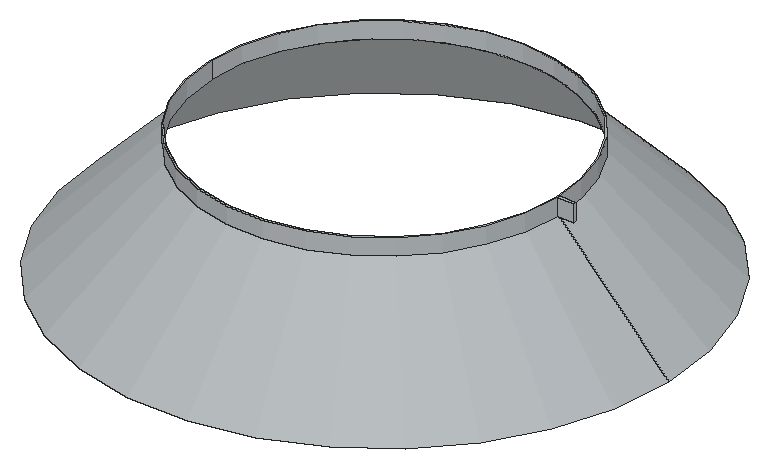
Revit family "NLRS_57_DUA_UN_storm-collar-vsk_LT_velu", category Duct Accessories, Revit 2019
Family settings
  Round Connector Dimension = Use Diameter
  Part Type = Attaches To
  Work Plane-Based = No
  Always vertical = No
  Cut with Voids When Loaded = No
  Shared = Yes
Parameters (values of type "Stormkraag VSK")
  VELU_Prijs_Datum [instance] = size_lookup(LookupTable, "Date", "NB", SACS_Diameter)  # "01-02-2022"
  VELU_Foutmelding [instance] = if(not(NLRS_M_c01_diameter = SACS_Diameter), "Niet leverbare kanaalmaat!", " ")  # " "
  VELU_Diameter1 [instance] = SACS_Diameter  # 315 mm
  VELU_Bruto_Prijs [instance] = size_lookup(LookupTable, "Product_Cost", 0, SACS_Diameter)  # 82.4
  VELU_Article_Code [instance] = size_lookup(LookupTable, "", "NB", SACS_Diameter)  # "5060000760"
  URL = "https://velu.nl/producten/"
  SACS_Radius_1 [instance] = SACS_Diameter / 2  # 157.5 mm
  SACS_Diameter [instance] = if(NLRS_M_c01_diameter > 900 mm, 1000 mm, if(NLRS_M_c01_diameter > 800 mm, 900 mm, if(NLRS_M_c01_diameter > 710 mm, 800 mm, if(NLRS_M_c01_diameter > 630 mm, 710 mm, if(NLRS_M_c01_diameter > 560 mm, 630 mm, if(NLRS_M_c01_diameter > 500 mm, 560 mm, if(NLRS_M_c01_diameter > 450 mm, 500 mm, if(NLRS_M_c01_diameter > 400 mm, 450 mm, if(NLRS_M_c01_diameter > 355 mm, 400 mm, if(NLRS_M_c01_diameter > 315 mm, 355 mm, if(NLRS_M_c01_diameter > 300 mm, 315 mm, if(NLRS_M_c01_diameter > 280 mm, 300 mm, if(NLRS_M_c01_diameter > 250 mm, 280 mm, if(NLRS_M_c01_diameter > 224 mm, 250 mm, if(NLRS_M_c01_diameter > 200 mm, 224 mm, if(NLRS_M_c01_diameter > 180 mm, 200 mm, if(NLRS_M_c01_diameter > 160 mm, 180 mm, if(NLRS_M_c01_diameter > 150 mm, 160 mm, if(NLRS_M_c01_diameter > 125 mm, 150 mm, if(NLRS_M_c01_diameter > 100 mm, 125 mm, if(NLRS_M_c01_diameter > 80 mm, 100 mm, 80 mm)))))))))))))))))))))  # 315 mm
  NLRS_M_c01_diameter [instance] = 315 mm
  NLRS_C_niveau ontwikkeling = "LOD400"  # constant formula
  NLRS_C_model [instance] = size_lookup(LookupTable, "Model", "NB", SACS_Diameter)  # "VSK 315"
  NLRS_C_description = Description  # "Velu stormkraag, type VSK"
  NLRS_C_content_versie = "3.19.00"  # constant formula
  NLRS_C_content_provider = "Velu Ventliatietechniek BV"  # constant formula
  NLRS_C_content_datum_uitgifte = "27-05-2022"  # constant formula
  NLRS_C_content_creator = "J. Feeke"  # constant formula
  Model = "VSK"  # constant formula
  Manufacturer = "Velu Ventilatietechniek BV"  # constant formula
  LookupTable = "VSK_Data"  # constant formula
  LoadBearing = 1 = 0  # no
  IsExternal = 1 = 1  # yes
  IfcDescription = Description  # "Velu stormkraag, type VSK"
  FireRating = "00"  # constant formula
  Description = "Velu stormkraag, type VSK"  # constant formula
  Assembly Code = "57.00"
Reference planes
  plane 1 "Center (Front/Back)": y = 0
  plane 2: z = 0
  plane 3 "Center (Left/Right)": x = 0
  plane 4: x = 157.5
Forms (mm)
  Extrusion 1, solid, material "VELU_Label", not visible
    sketch origin (-547.644, -297.937, 0) x (1, 0, 0) y (0, 1, 0)
      loop
        arc (544.644, 300.937) -> (541.644, 297.937) -> (544.644, 294.937) r 3
        line (544.644, 294.937) -> (544.644, 297.937) -> (547.644, 294.937) -> (547.644, 297.937) -> (544.644, 300.937)
    from 0 to 2
  Extrusion 2, solid, material "VELU_Label", not visible
    sketch origin (0, 0, 0) x (1, 0, 0) y (0, 1, 0)
      loop
        arc (3, -3) -> (6, 0) -> (3, 3) r 3
        line (3, 3) -> (3, 0) -> (0, 3) -> (0, 0) -> (3, -3)
    from 0 to 2
  Sweep 3, solid, material "NLRS_57_sendzimir verzinkt_gen_sacs"
    path in 3D
      loop
        arc (-157.5, 0, 0) -> (0, -157.5, 0) -> (157.5, 0, 0) r 157.5
        arc (157.5, 0, 0) -> (0, 157.5, 0) -> (-157.5, 0, 0) r 157.5
    profile "VSK_Profile : VSK_profile" origin (0, 157.5, 0) x (0, -1, 0) y (0, 0, 1)
      loop
        line (0, 0) -> (-100, -100) -> (-99, -100) -> (1, 0) -> (1, 15) -> (0, 15) -> (0, 0)
  Extrusion 4, solid, material "NLRS_57_sendzimir verzinkt_gen_sacs"
    sketch origin (0, 0, 0) x (1, 0, 0) y (0, 0, 1)
      loop
        line (157.5, 15) -> (157.5, 0) -> (172.5, 0) -> (172.5, 15) -> (157.5, 15)
    from -1.3 to 1.3
Lines and regions (mm)
  model lines
    curve 1: circle (0, 0, 0) r 157.5 normal (0, 0, 1)
  sketch lines
    curve 2: circle (0, 0, 0) r 157.5 normal (0, 0, 1)
Dimensions and locks
  "SACS_Radius_1": plane 4 to plane 3 "Center (Left/Right)"
  locked: Extrusion 4 sketch curve to plane 4 at 15
  locked: Extrusion 4 sketch curve to level at 15
  locked: plane 1 "Center (Front/Back)" to Extrusion 4 at 1.3
  locked: Extrusion 4 to plane 1 "Center (Front/Back)" at 1.3
  "SACS_Diameter": diameter of curve 1
  aligned and locked: level to plane 2
  aligned and locked: plane 4 to Extrusion 4 sketch curve
Automatic sketch dimensions
  plane 1 "Center (Front/Back)" to Extrusion 1 sketch curve = 0 mm  (x3)
  Extrusion 1 sketch curve to plane 3 "Center (Left/Right)" = 0 mm
  Extrusion 1 sketch curve to plane 3 "Center (Left/Right)" = 3 mm
  plane 1 "Center (Front/Back)" to Extrusion 1 sketch curve = 3 mm  (x2)
  plane 1 "Center (Front/Back)" to Extrusion 2 sketch curve = 0 mm  (x3)
  Extrusion 2 sketch curve to plane 3 "Center (Left/Right)" = 0 mm
  Extrusion 2 sketch curve to Extrusion 2 sketch curve = 3 mm
  plane 1 "Center (Front/Back)" to Extrusion 2 sketch curve = 3 mm
  Extrusion 2 sketch curve to Extrusion 2 sketch curve = 0 mm
  Extrusion 4 sketch curve to level = 0 mm
  plane 1 "Center (Front/Back)" to curve 1 = 0 mm
  curve 1 to plane 3 "Center (Left/Right)" = 0 mm
